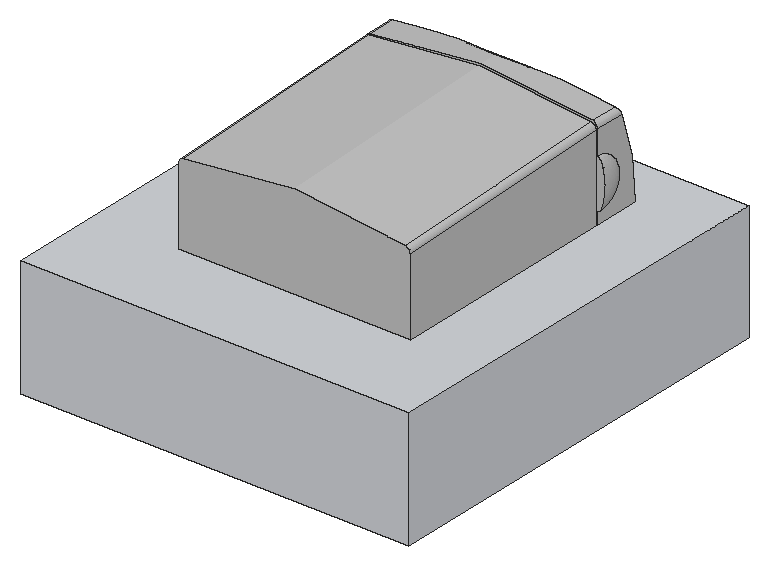
Revit family
Parameters (values of type "as Specified")
  Warranty Duration (Years) = 0
  Unit Width = 0' - 9 27/32"
  Unit Height = 0' - 11 1/4"
  Unit Depth = 0' - 4 1/8"
  URL = "http://www.bobrick.com/Pages/default.aspx"
  Test Data = ""
  Standards Conformance = "ADA with proper mounting height"
  Specification = ""
  SpecWizard = ""
  Send Message = "http://www.arcat.com/users.pl?action=UserEmail&company=Bobrick+Washroom+Equipment,+Inc.&coid=30988&rep=156&fax=818-503-1930&mf="
  Sales Information = "http://www.bobrick.com/Pages/ContactUs.aspx"
  Revision = "R1_2014-10"
  Region Restriction = "None"
  Product Properties = ""
  Product Data = "http://arcat.com/arcatcos/cos30/arc30988.html"
  Mounting Height [instance] = 2' - 6"
  Model = "B-5270"
  Manufacturer Website = "http://www.bobrick.com/Pages/default.aspx"
  Manufacturer Phone - Toll Free = ""
  Manufacturer Phone = "818-764-1000"
  Manufacturer Fax = "818-503-1930"
  Manufacturer Address = "11611 Hart St. North Hollywood, CA 91605-5882"
  Manufacturer = "Bobrick Washroom Equipment, Inc."
  Maintenance Schedule (Months) = 0
  Keynote = "102813"
  Installation-Fabrication = "http://www.bobrick.com/washroomaccessories/Pages/WashroomAccessories.aspx"
  Installation Phase = ""
  Green Building-LEED = ""
  Finish Material = Plastic - Bobrick - ABS Light Grey
  Expected Lifespan (Years) = 0
  Drawn By = "Sumex Design, Inc. / Robert S. Weygant, CSI, CDT, SCIP"
  Description = "Bobrick Surface Mounted Sanitary Napkin Disposal  - MatrixSeries B-5270"
  Default Elevation = 0' - 0"
  Copyright = "©Arcat Inc."
  Construction Details = ""
  Capacity = "1.3 gal"
  Building Codes = ""
  Assembly Code = "E1090900"
Reference planes (in)
  plane 1 "ADA Mount Line": y = -14.8942
  plane 2: z = 0
  plane 3 "Center (Left/Right)": x = 0
  plane 4: x = -4.92187
  plane 5: x = 4.92188
  plane 6 "FF": y = -44.8942
  plane 7: y = -26.1442
Forms (in)
  Extrusion 1, solid
    sketch origin (0, 0, 0) x (1, 0, 0) y (0, 1, 0)
      loop
        line (-8, -12.8942) -> (-8, -29.84382) -> (7.52687, -29.84382) -> (7.52687, -12.8942) -> (-8, -12.8942)
    from 0 to -4.74202
  Blend 2, solid, material "Plastic - Bobrick - ABS Light Grey" <- "Finish Material"
    base sketch origin (-13.24494, -26.1442, 48) x (-1, 0, 0) y (0, 0, 1)
      loop
        line (-8.61994, -48) -> (-8.61994, -44.95219)
        arc (-8.61994, -44.95219) -> (-8.67593, -44.79452) -> (-8.81881, -44.70747) r 0.25
        arc (-8.81881, -44.70747) -> (-13.24494, -44.25) -> (-17.67107, -44.70747) r 21.64063
        arc (-17.67107, -44.70747) -> (-17.81396, -44.79452) -> (-17.86994, -44.95219) r 0.25
        line (-17.86994, -44.95219) -> (-17.86994, -48) -> (-8.61994, -48)
    top sketch origin (-13.24494, -26.1442, 48) x (-1, 0, 0) y (0, 0, 1)
      loop
        line (-8.61994, -48) -> (-8.61994, -44.57719)
        arc (-8.61994, -44.57719) -> (-8.67593, -44.41952) -> (-8.81881, -44.33247) r 0.25
        arc (-8.81881, -44.33247) -> (-13.24494, -43.875) -> (-17.67107, -44.33247) r 21.64063
        arc (-17.67107, -44.33247) -> (-17.81396, -44.41952) -> (-17.86994, -44.57719) r 0.25
        line (-17.86994, -44.57719) -> (-17.86994, -48) -> (-8.61994, -48)
    from 0 to 9.25
  Extrusion 3, solid, material "Plastic - Bobrick - ABS Light Grey" <- "Finish Material"
    sketch origin (0, -14.8942, 0) x (1, 0, 0) y (0, 0, 1)
      loop
        arc (-4.42613, 3.66753) -> (-4.56901, 3.58048) -> (-4.625, 3.42281) r 0.25
        line (-4.625, 3.42281) -> (-4.625, 0) -> (4.625, 0) -> (4.625, 3.42281)
        arc (4.625, 3.42281) -> (4.56901, 3.58048) -> (4.42613, 3.66753) r 0.25
        arc (4.42613, 3.66753) -> (0, 4.125) -> (-4.42613, 3.66753) r 21.64063
    from 0 to 1.89388
  Extrusion 4, void
    sketch origin (0, -0.03125, 0) x (0, 1, 0) y (0, 0, 1)
      loop
        line (-14.8942, 0) -> (-14.6442, 0) -> (-14.6442, 4.125) -> (-16.04611, 4.125)
        arc (-16.04611, 4.125) -> (-15.91532, 4.08806) -> (-15.82318, 3.98815) r 0.25
        arc (-15.82318, 3.98815) -> (-15.1174, 2.05028) -> (-14.8942, 0) r 8.58419
    from -4.92188 to 4.92187
  Extrusion 5, solid, material "Plastic - Bobrick - ABS Light Grey" <- "Finish Material"
    sketch origin (0, -14.8942, 0) x (1, 0, 0) y (0, 0, 1)
      loop
        line (-4.5, 3.42281) -> (-4.5, 0) -> (4.5, 0) -> (4.5, 3.42281)
        arc (4.5, 3.42281) -> (4.47201, 3.50165) -> (4.40057, 3.54517) r 0.125
        arc (4.40057, 3.54517) -> (0, 4) -> (-4.40057, 3.54517) r 21.51563
        arc (-4.40057, 3.54517) -> (-4.47201, 3.50165) -> (-4.5, 3.42281) r 0.125
    from 1.89388 to 2
  Revolve 6, solid, material "Plastic - Bobrick - ABS Light Grey" <- "Finish Material"
    sketch origin (0, -16.78807, 0) x (1, 0, 0) y (0, 0, 1)
      loop
        line (4.625, 1.46651) -> (4.92187, 1.46651)
        spline (4.92187, 1.46651) -> (4.91934, 1.59703) -> (4.91176, 1.72533) -> (4.89928, 1.84919) -> (4.8821, 1.96651) -> (4.86053, 2.07527) -> (4.83492, 2.17361) -> (4.80573, 2.25986) -> (4.77344, 2.33253) -> (4.73861, 2.39039) -> (4.70184, 2.43243) -> (4.66375, 2.45795) -> (4.625, 2.46651)
        line (4.625, 2.46651) -> (4.625, 1.46651)
      axis (4.625, 1.46651) -> (4.92187, 1.46651)
    angle from 0 to 180
  Revolve 7, solid, material "Plastic - Bobrick - ABS Light Grey" <- "Finish Material"
    sketch origin (0, -16.78807, 0) x (-1, 0, 0) y (0, 0, -1)
      loop
        line (4.625, -1.46651) -> (4.625, -2.46651)
        spline (4.625, -2.46651) -> (4.66375, -2.45795) -> (4.70184, -2.43243) -> (4.73861, -2.39039) -> (4.77344, -2.33253) -> (4.80573, -2.25986) -> (4.83492, -2.17361) -> (4.86053, -2.07527) -> (4.8821, -1.96651) -> (4.89928, -1.84919) -> (4.91176, -1.72533) -> (4.91934, -1.59703) -> (4.92187, -1.46651)
        line (4.92187, -1.46651) -> (4.625, -1.46651)
      axis (4.625, -1.46651) -> (4.92187, -1.46651)
    angle from 0 to 180
Cuts and joins
  Extrusion 4 cuts Extrusion 3
  joined: Extrusion 3, Revolve 6, Revolve 7
Dimensions and locks (in)
  equal spacing: plane 4, plane 3 "Center (Left/Right)", plane 5
  "Unit Width": plane 4 to plane 5
  "Mounting Height": plane 1 "ADA Mount Line" to plane 6 "FF"
  "Unit Height": plane 7 to plane 1 "ADA Mount Line"
  aligned and locked: plane 2 to Extrusion 1
  aligned and locked: level to Extrusion 1
Automatic sketch dimensions
  Extrusion 1 sketch curve to Extrusion 1 sketch curve = 1' - 3.52687"
  Extrusion 1 sketch curve to Extrusion 1 sketch curve = 1' - 4.94962"
  Blend 2 sketch curve to level = 0' - 0"  (x2)
  Blend 2 sketch curve to plane 3 "Center (Left/Right)" = 0' - 0"  (x2)
  Blend 2 sketch curve to plane 5 = 0' - 0 35/64"  (x2)
  Blend 2 sketch curve to Blend 2 sketch curve = 0' - 0.05113"  (x4)
  Blend 2 sketch curve to Blend 2 sketch curve = 0' - 0"  (x4)
  Blend 2 sketch curve to Blend 2 sketch curve = 0' - 0 1/4"  (x2)
  plane 4 to Blend 2 sketch curve = 0' - 0 35/64"  (x2)
  Blend 2 sketch curve to level = 1' - 5 57/64"
  Blend 2 sketch curve to level = 1' - 5 33/64"
  Extrusion 3 sketch curve to level = 0' - 0"
  Extrusion 3 sketch curve to plane 3 "Center (Left/Right)" = 0' - 0"
  plane 4 to Extrusion 3 sketch curve = 0' - 0 35/64"
  Extrusion 3 sketch curve to Extrusion 3 sketch curve = 0' - 0.05113"  (x2)
  Extrusion 3 sketch curve to Extrusion 3 sketch curve = 0' - 0"  (x2)
  Extrusion 3 sketch curve to Extrusion 3 sketch curve = 0' - 0 1/4"
  Extrusion 3 sketch curve to plane 5 = 0' - 0 35/64"
  Extrusion 3 sketch curve to level = 1' - 5 33/64"
  Extrusion 4 sketch curve to level = 0' - 0"
  level to Extrusion 4 sketch curve = 0' - 0.10285"
  plane 7 to Extrusion 4 sketch curve = 0' - 2.63518"
  plane 1 "ADA Mount Line" to Extrusion 4 sketch curve = 0' - 1.18316"
  Extrusion 4 sketch curve to Extrusion 4 sketch curve = 0' - 0.22293"
  Extrusion 4 sketch curve to Extrusion 4 sketch curve = 0' - 0"
  plane 1 "ADA Mount Line" to Extrusion 4 sketch curve = 0' - 0 1/32"
  Extrusion 4 sketch curve to plane 1 "ADA Mount Line" = 0' - 0 7/32"
  Extrusion 5 sketch curve to level = 0' - 0"
  Extrusion 5 sketch curve to plane 3 "Center (Left/Right)" = 0' - 0"
  plane 4 to Extrusion 5 sketch curve = 0' - 0 35/64"
  Extrusion 5 sketch curve to Extrusion 5 sketch curve = 0' - 0.02557"  (x2)
  Extrusion 5 sketch curve to Extrusion 5 sketch curve = 0' - 0"  (x2)
  Extrusion 5 sketch curve to Extrusion 5 sketch curve = 0' - 0 1/8"
  Extrusion 5 sketch curve to plane 5 = 0' - 0 35/64"
  Extrusion 5 sketch curve to level = 1' - 5 33/64"
  Revolve 6 sketch curve to Extrusion 3 = 0' - 0"  (x2)
  Revolve 6 sketch curve to Revolve 6 sketch curve = 0' - 0 19/64"
  Revolve 6 sketch curve to Revolve 6 sketch curve = 0' - 1 29/64"
  Revolve 6 sketch curve to Extrusion 3 = 0' - 1.46651"
  Revolve 6 sketch curve to Revolve 6 sketch curve = 0' - 0"
  Revolve 6 sketch curve to Revolve 6 sketch curve = 0' - 1"
  Extrusion 3 to Revolve 7 sketch curve = 0' - 0"  (x2)
  Extrusion 3 to Revolve 7 sketch curve = 0' - 0 19/64"
  Revolve 7 sketch curve to Revolve 7 sketch curve = 0' - 1 29/64"
  Revolve 7 sketch curve to Extrusion 3 = 0' - 2.46651"
  Revolve 7 sketch curve to Revolve 7 sketch curve = 0' - 1"
  Revolve 7 sketch curve to Revolve 7 sketch curve = 0' - 0"
